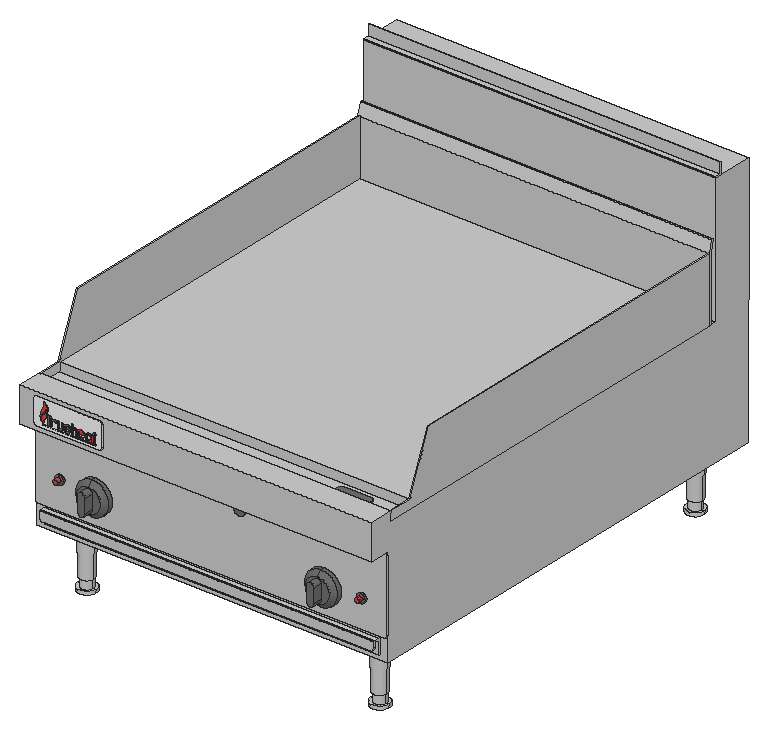
Revit family "QF_COMCATER ALL BRANDS_RCT6-6G", category Specialty Equipment, Revit 2014
Parameters (values of type "RCT6-6G_Natural Gas")
  URL Cutsheet = ""
  URL = ""
  Type Comments = "The Australian owned and designed* Trueheat RC Series of Gas Cooking Equipment has been developed for the restaurant and cafe market with a high quality finish, designed to fulfill the busy demands within a commercial kitchen.\r\n16mm thick steel griddle plate with 16.5MJ/hr burner per 300mm section.\r\n100% Flame failure controls included as standard. Piezo ignition on concealed burners."
  Status [instance] = ""
  Specification by User [instance] = ""
  Specification by Manufacturer [instance] = ""
  Seismic Rating = ""
  SMACNA No = ""
  Revision Code [instance] = ""
  Nominal Gas power = 7800 W
  NAFEM Spec ID Number = ""
  Model = "RCT6-6G"
  Mechanical Connection Type [instance] = " "
  Masterspec = ""
  Manufacturer = "TRUEHEAT"
  Length Actual = 600 mm
  Item Number [instance] = ""
  Installed By [instance] = ""
  Identify Quantity as Lot [instance] = no
  Height Actual = 455 mm
  Gas power kW = 7.8
  Gas Size Flexible = 0 mm
  Gas Size = 19.05 mm
  Gas RI Height [instance] = 0 mm
  Gas Flow = 0.0 L/s
  Gas Connection Height [instance] = 121 mm
  Furnished By [instance] = ""
  Foodservice Equipment Identifier [instance] = yes
  Description = "GRIDDLE MODULAR TOP"
  Depth Actual = 803 mm
  CSI MasterFormat = ""
  BTUH = 7800 W
  Assembly Code = "E1090320"
  Accessory = no
Types (2): name
  RCT6-6G_Natural Gas
  RCT6-6G_LPG
Reference planes
  plane 1 "Center (Front/Back)": y = 0
  plane 2: z = 0
  plane 3 "Center (Left/Right)": x = 0
Forms (mm)
  Extrusion 1, solid
    sketch origin (96, 0, 121) x (1, 0, 0) y (0, 1, 0)
      loop
        line (0, 0) -> (2, 0) -> (2, 2) -> (0, 2) -> (0, 0)
    from 0 to 2
Dimensions and locks
  aligned and locked: level to plane 2
Nested families
  nested 1: "QF_COMCATER ALL BRANDS_RCT6-6G_Natural Gas" at (0, 0, 100), type "RCT6-6G_Natural Gas"
    with Show Logo yes, Show Clearance yes
  nested 2: "QF_COMCATER_B05002-600" at (0, 0, 0), type "B05002-600"
    with Show Logo yes, Show Clearance yes
Connectors
  piping at (97, 2, 122), diameter 19.05, driven by "Gas Size", driven by "Gas Flow"
    settings: on Extrusion 1, index 1, connector inside diameter 609.6 mm, connector length 0 mm, flow factor 0, pipe flow 0.0 L/s, pressure drop 0.0 Pa, fitting loss kfactor 0, connector angle 0.00°, fixture units 0, engagement length 0 mm, angle of deflection 0.00°, flow configuration 1, flow direction 1, fitting loss method 0, system type 22, joint type 0, gender type 0, connector reference index -1, connector utility 0, adjustable connector no, is connector primary yes, connector description "Gas connection for 'RCT6-6G'"
Definition of nested family "QF_COMCATER ALL BRANDS_RCT6-6G_Natural Gas"
  Parameters (values of type "RCT6-6G_Natural Gas")
    URL = "www.comcater.com.au"
    Show Logo [instance] = yes
    Show Clearance [instance] = yes
    Model = "RCT6-6G"
    Manufacturer = "TRUEHEAT"
    Description = "GRIDDLE MODULAR TOP"
    Assembly Code = "E1090320"
  Reference planes
    plane 1 "Back": y = 0
    plane 2: z = 0
    plane 3 "Left": x = 0
    plane 4 "Right": x = 600
    plane 5 "Front": y = -803
    plane 6 "Top": z = 455
  Forms (mm)
    Extrusion 1, solid
      sketch origin (0, 0, 2.5) x (0, 1, 0) y (0, 0, 1)
        loop
          line (0, 432.5) -> (-70, 432.5) -> (-70, 212.5) -> (-762.176, 212.5) -> (-762.176, 227.5) -> (-803, 227.5) -> (-803, 167.5) -> (-768, 167.5) -> (-768, -2.5) -> (0, -2.5) -> (0, 432.5)
      from 0 to 600
    Extrusion 2, solid
      sketch origin (0, 0, 2.5) x (0, 1, 0) y (0, 0, 1)
        loop
          line (-77.071, 341.25) -> (-82.176, 322.195) -> (-82.176, 212.5) -> (-80.176, 212.5) -> (-80.176, 321.931) -> (-75, 341.25) -> (-77.071, 341.25)
      from 0 to 600
    Extrusion 3, solid
      sketch origin (0, 0, 2.5) x (0, 1, 0) y (0, 0, 1)
        loop
          line (-82.176, 322.195) -> (-682.176, 322.195) -> (-722.176, 227.5) -> (-762.176, 227.5) -> (-762.176, 212.5) -> (-82.176, 212.5) -> (-82.176, 322.195)
      from 0 to 2
    Extrusion 4, solid
      sketch origin (598, 0, 2.5) x (0, 1, 0) y (0, 0, 1)
        loop
          line (-82.176, 322.195) -> (-682.176, 322.195) -> (-722.176, 227.5) -> (-762.176, 227.5) -> (-762.176, 212.5) -> (-82.176, 212.5) -> (-82.176, 322.195)
      from 0 to 2
    Extrusion 5, solid
      sketch origin (-4.5, -360, -12.5) x (1, 0, 0) y (0, 0, 1)
        loop
          line (6.5, 227.5) -> (602.5, 227.5) -> (602.5, 242.5) -> (6.5, 242.5) -> (6.5, 227.5)
      from -277.824 to 362.176
    Revolve 6, solid
      sketch origin (108.337, 8, -489.263) x (0, 1, 0) y (0, 0, 1)
        loop
          line (-786.003, 575.513) -> (-801, 575.513) -> (-801, 555.163) -> (-793.012, 547.176) -> (-786.003, 547.176) -> (-786.003, 575.513)
        axis (-786.003, 575.513) -> (-801, 575.513)
      angle from 0 to 360
    Extrusion 7, solid
      sketch origin (-264.343, -780, -1413.928) x (-0.707107, 0, -0.707107) y (-0.707107, 0, 0.707107)
        loop
          arc (-1328.297, 810.227) -> (-1337.277, 810.227) -> (-1337.277, 801.247) r 6.35
          line (-1337.277, 801.247) -> (-1320.325, 784.294)
          arc (-1320.325, 784.294) -> (-1311.344, 784.294) -> (-1311.344, 793.275) r 6.35
          line (-1311.344, 793.275) -> (-1328.297, 810.227)
      from -13 to -28
    Extrusion 8, solid
      sketch origin (115.838, 32, 58.75) x (1, 0, 0) y (0, 0, 1)
        loop
          circle (234.162, 91.25) r 10.607
      from 803 to 805
    Extrusion 9, solid
      sketch origin (0, -768, 2.5) x (1, 0, 0) y (0, 0, 1)
        loop
          line (0, 162.5) -> (0, 40)
          arc (0, 40) -> (1.464, 36.464) -> (5, 35) r 5
          line (5, 35) -> (595, 35)
          arc (595, 35) -> (598.536, 36.464) -> (600, 40) r 5
          line (600, 40) -> (600, 162.5)
          arc (600, 162.5) -> (598.536, 166.036) -> (595, 167.5) r 5
          line (595, 167.5) -> (5, 167.5)
          arc (5, 167.5) -> (1.464, 166.036) -> (0, 162.5) r 5
      from 0 to 3
    Extrusion 10, solid
      sketch origin (92.5, -778, 2.5) x (1, 0, 0) y (0, 0, 1)
        loop
          arc (-77.5, 20) -> (-76.036, 16.464) -> (-72.5, 15) r 5
          line (-72.5, 15) -> (487.5, 15)
          arc (487.5, 15) -> (491.036, 16.464) -> (492.5, 20) r 5
          line (492.5, 20) -> (492.5, 30) -> (-77.5, 30) -> (-77.5, 20)
      from 0 to 2
    Extrusion 11, solid
      sketch origin (92.5, -2, 2.5) x (0, 1, 0) y (0, 0, 1)
        loop
          line (-776, 30) -> (-776, 27.971) -> (-768.029, 27.971) -> (-768.029, 4.971) -> (-766, 4.971) -> (-766, 30) -> (-776, 30)
      from -77.5 to 492.5
    Extrusion 12, solid, visible <- "Show Logo"
      sketch origin (30, -802.5, 9.763) x (1, 0, 0) y (0, 0, 1)
        loop
          line (98.5, 191.841) -> (96.5, 191.841) -> (96.5, 189.798) -> (95.026, 189.798) -> (95.026, 187.798) -> (96.5, 187.798) -> (96.5, 175.237) -> (98.5, 175.237) -> (98.5, 187.798) -> (100, 187.798) -> (100, 189.798) -> (98.5, 189.798) -> (98.5, 191.841)
        loop
          line (94, 187.798) -> (92, 187.798) -> (92, 186.56)
          arc (92, 186.56) -> (81.976, 181.518) -> (92, 176.475) r 6.28
          line (92, 176.475) -> (92, 175.237) -> (94, 175.237) -> (94, 187.798)
        loop
          arc (92, 183.592) -> (83.976, 181.518) -> (92, 179.443) r 4.28
          line (92, 179.443) -> (92, 183.592)
        loop
          line (65.446, 184.298) -> (65.446, 175.237) -> (67.446, 175.237) -> (67.446, 184.729)
          arc (67.446, 184.729) -> (64.497, 187.542) -> (60.446, 187.101) r 4.833
          line (60.446, 187.101) -> (60.446, 191.841) -> (58.446, 191.841) -> (58.446, 175.237) -> (60.446, 175.237) -> (60.446, 184.298)
          arc (60.446, 184.298) -> (62.946, 185.798) -> (65.446, 184.298) r 2.833
        loop
          arc (80.998, 181.518) -> (69.107, 184.34) -> (78.461, 176.475) r 6.28
          line (78.461, 176.475) -> (77.269, 178.081)
          arc (77.269, 178.081) -> (72.794, 177.694) -> (70.437, 181.518) r 4.28
          line (70.437, 181.518) -> (80.998, 181.518)
        loop
          arc (78.502, 183.518) -> (74.717, 185.798) -> (70.933, 183.518) r 4.28
          line (70.933, 183.518) -> (78.502, 183.518)
      from 0 to 2
    Extrusion 13, solid, visible <- "Show Logo"
      sketch origin (14.146, -802.5, 9.763) x (1, 0, 0) y (0, 0, 1)
        loop
          arc (70.804, 183.518) -> (67.02, 185.798) -> (63.236, 183.518) r 4.28
          line (63.236, 183.518) -> (70.804, 183.518)
        loop
          arc (73.3, 181.518) -> (61.409, 184.34) -> (70.764, 176.475) r 6.28
          line (70.764, 176.475) -> (69.572, 178.081)
          arc (69.572, 178.081) -> (65.096, 177.694) -> (62.74, 181.518) r 4.28
          line (62.74, 181.518) -> (73.3, 181.518)
        loop
          line (34.617, 191.841) -> (34.617, 189.798) -> (33.143, 189.798) -> (33.143, 187.798) -> (34.617, 187.798) -> (34.617, 175.237) -> (36.617, 175.237) -> (36.617, 187.798) -> (38.117, 187.798) -> (38.117, 189.798) -> (36.617, 189.798) -> (36.617, 191.841) -> (34.617, 191.841)
        loop
          arc (57.696, 178.737) -> (55.196, 177.237) -> (52.696, 178.737) r 2.833
          line (52.696, 178.737) -> (52.696, 187.798) -> (50.696, 187.798) -> (50.696, 178.307)
          arc (50.696, 178.307) -> (55.196, 175.237) -> (59.696, 178.307) r 4.833
          line (59.696, 178.307) -> (59.696, 187.798) -> (57.696, 187.798) -> (57.696, 178.737)
        loop
          line (41.117, 186.56) -> (41.117, 187.798) -> (39.117, 187.798) -> (39.117, 175.237) -> (41.117, 175.237) -> (41.117, 183.592)
          arc (41.117, 183.592) -> (44.587, 185.789) -> (48.31, 184.053) r 4.28
          line (48.31, 184.053) -> (49.735, 185.478)
          arc (49.735, 185.478) -> (45.643, 187.749) -> (41.117, 186.56) r 6.28
      from 0 to 2
    Extrusion 14, solid, visible <- "Show Logo"
      sketch origin (0, -802.5, 7.5) x (1, 0, 0) y (0, 0, 1)
        loop
          line (130, 176.5) -> (40, 176.5) -> (40, 175.5) -> (130, 175.5) -> (130, 176.5)
        loop
          arc (40, 177.5) -> (40.603, 181.061) -> (42.43, 184.177) r 10.013
          arc (42.43, 184.177) -> (44.457, 187.03) -> (45.914, 190.212) r 18.627
          arc (45.914, 190.212) -> (46.43, 193.956) -> (45.458, 197.608) r 9.58
          arc (45.458, 197.608) -> (44.352, 194.23) -> (41.979, 191.583) r 8.629
          arc (41.979, 191.583) -> (38.017, 184.959) -> (40, 177.5) r 9.924
        loop
          arc (39.054, 199.801) -> (35.351, 191.043) -> (36.701, 181.631) r 17.746
          arc (36.701, 181.631) -> (36.715, 187.191) -> (39.483, 192.014) r 10.848
          arc (39.483, 192.014) -> (42.461, 196.051) -> (44.165, 200.77) r 17.413
          arc (44.165, 200.77) -> (46.042, 199.588) -> (47.328, 197.781) r 5.718
          arc (47.328, 197.781) -> (46.772, 205.563) -> (40.995, 210.808) r 10.489
          arc (40.995, 210.808) -> (41.42, 205.059) -> (39.054, 199.801) r 11.727
      from 0 to 2
    Extrusion 15, solid, visible <- "Show Logo"
      sketch origin (0, -802, 7.5) x (1, 0, 0) y (0, 0, 1)
        loop
          line (29.373, 170.5) -> (135, 170.5)
          arc (135, 170.5) -> (138.536, 171.964) -> (140, 175.5) r 5
          line (140, 175.5) -> (140, 210.808)
          arc (140, 210.808) -> (138.536, 214.344) -> (135, 215.808) r 5
          line (135, 215.808) -> (29.373, 215.808)
          arc (29.373, 215.808) -> (25.837, 214.344) -> (24.373, 210.808) r 5
          line (24.373, 210.808) -> (24.373, 175.5)
          arc (24.373, 175.5) -> (25.837, 171.964) -> (29.373, 170.5) r 5
      from 0 to 2
    Extrusion 16, solid
      sketch origin (122.5, 20, 215) x (1, 0, 0) y (0, 1, 0)
        loop
          arc (377.5, -752.176) -> (367.5, -762.176) -> (377.5, -772.176) r 10
          line (377.5, -772.176) -> (417.5, -772.176)
          arc (417.5, -772.176) -> (427.5, -762.176) -> (417.5, -752.176) r 10
          line (417.5, -752.176) -> (377.5, -752.176)
      from 0 to 2
    Revolve 17, solid
      sketch origin (499.175, 8, -489.263) x (0, 1, 0) y (0, 0, -1)
        loop
          line (-786.003, -575.513) -> (-786.003, -547.176) -> (-793.012, -547.176) -> (-801, -555.163) -> (-801, -575.513) -> (-786.003, -575.513)
        axis (-786.003, -575.513) -> (-801, -575.513)
      angle from 0 to 360
    Extrusion 18, solid
      sketch origin (871.856, -780, -1413.928) x (0.707107, 0, -0.707107) y (-0.707107, 0, -0.707107)
        loop
          line (-1328.297, -810.227) -> (-1311.344, -793.275)
          arc (-1311.344, -793.275) -> (-1311.344, -784.294) -> (-1320.325, -784.294) r 6.35
          line (-1320.325, -784.294) -> (-1337.277, -801.247)
          arc (-1337.277, -801.247) -> (-1337.277, -810.227) -> (-1328.297, -810.227) r 6.35
      from -13 to -28
    Extrusion 19, solid
      sketch origin (0, -5, -680) x (1, 0, 0) y (0, 0, 1)
        loop
          circle (108.338, 766.25) r 8
      from 766 to 773.003
    Extrusion 20, solid
      sketch origin (390.837, -5, -680) x (1, 0, 0) y (0, 0, 1)
        loop
          circle (108.338, 766.25) r 8
      from 766 to 773.003
    Extrusion 21, solid, visible <- "Show Clearance", detail levels coarse
      sketch origin (0, -2, -680) x (0, 1, 0) y (0, 0, 1)
        loop
          line (-768.029, 687.471) -> (-768.029, 712.5) -> (-1194, 712.5) -> (-1194, 687.471) -> (-768.029, 687.471)
      from 15 to 585
    Extrusion 22, solid
      sketch origin (0, -23, 0) x (0, 1, 0) y (0, 0, 1)
        loop
          line (-47, 435) -> (-35, 435) -> (-35, 455) -> (-37, 455) -> (-37, 437) -> (-47, 437) -> (-47, 435)
      from 0 to 600
    Extrusion 23, solid
      sketch origin (96, 10, -828) x (1, 0, 0) y (0, 0, 1)
        loop
          circle (0, 850) r 9.3
      from 0 to 10
    Extrusion 24, solid
      sketch origin (0, 0, 2.5) x (0, 1, 0) y (0, 0, 1)
        loop
          line (-82.176, 322.195) -> (-682.176, 322.195) -> (-722.176, 227.5) -> (-762.176, 227.5) -> (-762.176, 212.5) -> (-82.176, 212.5) -> (-82.176, 322.195)
      from 0 to 2
    Revolve 25, solid
      sketch origin (42.5, -8, -56.377) x (0, 1, 0) y (0, 0, 1)
        loop
          line (-763, 142.627) -> (-763, 150.127) -> (-765.011, 150.127) -> (-767, 146.627) -> (-767, 142.627) -> (-763, 142.627)
        axis (-767, 142.627) -> (-763, 142.627)
      angle from 0 to 360
    Extrusion 26, solid
      sketch origin (42.5, -8, -56.377) x (1, 0, 0) y (0, 0, 1)
        loop
          circle (0, 142.627) r 4
      from 772.997 to 767
    Revolve 27, solid
      sketch origin (557.5, -8, -56.377) x (0, 1, 0) y (0, 0, -1)
        loop
          line (-763, -142.627) -> (-767, -142.627) -> (-767, -146.627) -> (-765.011, -150.127) -> (-763, -150.127) -> (-763, -142.627)
        axis (-767, -142.627) -> (-763, -142.627)
      angle from 0 to 360
    Extrusion 28, solid
      sketch origin (557.5, -8, -56.377) x (-1, 0, 0) y (0, 0, -1)
        loop
          circle (0, -142.627) r 4
      from 772.997 to 767
    Extrusion 29, solid, visible <- "Show Clearance", detail levels coarse
      sketch origin (0, 0, 0) x (1, 0, 0) y (0, 1, 0)
        loop
          line (750, 150) -> (-150, 150) -> (-150, -803) -> (0, -803) -> (0, 0) -> (600, 0) -> (600, -803) -> (750, -803) -> (750, 150)
      from 0 to 455
  Lines and regions (mm)
    symbolic lines, style "200-EquipBorder-2D"
      curve 1: line (0, 0, 0) -> (600, 0, 0)
      curve 2: line (600, -803, 0) -> (0, -803, 0)
      curve 6: line (0, 0, 0) -> (0, -803, 0)
      curve 7: line (600, -803, 0) -> (600, 0, 0)
      curve 11: line (86.7, 10, 0) -> (105.3, 10, 0)
      curve 12: line (105.3, 10, 0) -> (105.3, 0, 0)
      curve 13: line (86.7, 10, 0) -> (86.7, 0, 0)
      curve 26: line (0, -70, 0) -> (600, -70, 0)
    symbolic lines, style "QF_Door-Drawer Clearances", visible <- "Show Clearance"
      curve 3: line (15, -1196, 0) -> (585, -1196, 0)
      curve 4: line (15, -1196, 0) -> (15, -803, 0)
      curve 5: line (585, -1196, 0) -> (585, -803, 0)
    symbolic lines, style "200-EquipInternal-2D"
      curve 8: line (2, -722.176, 0) -> (598, -722.176, 0)
      curve 9: line (600, -762.176, 0) -> (0, -762.176, 0)
      curve 10: line (2, -762.176, 0) -> (2, -82.176, 0)
      curve 14: line (598, -82.176, 0) -> (598, -762.176, 0)
      curve 18: line (500, -732.176, 0) -> (540, -732.176, 0)
      curve 19: line (540, -752.176, 0) -> (500, -752.176, 0)
      curve 20: arc (500, -732.176, 0) -> (490, -742.176, 0) -> (500, -752.176, 0) r 10
      curve 21: arc (540, -752.176, 0) -> (550, -742.176, 0) -> (540, -732.176, 0) r 10
      curve 22: line (600, -58, 0) -> (0, -58, 0)
      curve 23: line (0, -60, 0) -> (600, -60, 0)
      curve 24: line (2, -82.176, 0) -> (598, -82.176, 0)
      curve 25: line (600, -75, 0) -> (0, -75, 0)
    symbolic lines, style "QF_Clearances", visible <- "Show Clearance"
      curve 15: line (-150, 150, 0) -> (750, 150, 0)
      curve 16: line (750, 150, 0) -> (750, -803, 0)
      curve 17: line (-150, 150, 0) -> (-150, -803, 0)
  Dimensions and locks
    plane 1 "Back" to plane 5 "Front" = 803 mm
    plane 6 "Top" to level = 455 mm  (x2)
    plane 3 "Left" to plane 4 "Right" = 600 mm
    plane 5 "Front" to plane 1 "Back" = 803 mm
    plane 4 "Right" to plane 3 "Left" = 600 mm
    aligned and locked: level to plane 2
  Connectors
    piping at (96, 10, 22), diameter 19
      settings: on Extrusion 23, index 1, connector inside diameter 609.6 mm, connector length 0 mm, flow factor 0, pipe flow 0.0 L/s, pressure drop 0.0 Pa, fitting loss kfactor 0, connector angle 0.00°, fixture units 0, engagement length 0 mm, angle of deflection 0.00°, flow configuration 1, flow direction 1, fitting loss method 0, system type 22, joint type 0, gender type 0, connector reference index -1, connector utility 0, adjustable connector no, is connector primary yes, connector description "Gas Inlet"
Definition of nested family "QF_COMCATER_B05002-600"
  Parameters (values of type "B05002-600")
    URL = ""
    Type Comments = ""
    Show Logo [instance] = yes
    Show Clearance [instance] = yes
    Model = "B05002"
    Manufacturer = "TRUEHEAT"
    Length Actual = 600 mm
    Height Actual = 100 mm
    Description = "ADJUSTABLE LEG FOR RCT COUNTERTOP MOUNTING 600MM"
    Depth Actual = 803 mm
    Assembly Code = "E1090320"
    Accessory = yes
  Reference planes
    plane 1 "Back": y = 0
    plane 2: z = 0
    plane 3 "Left": x = 0
    plane 4 "Right": x = 600
    plane 5 "Front": y = -803
    plane 6 "Top": z = 100
  Forms (mm)
    Revolve 1, solid
      sketch origin (0, -50, 0) x (1, 0, 0) y (0, 0, 1)
        loop
          line (50, 0) -> (65.5, 0) -> (65.5, 5) -> (60, 5) -> (60, 20) -> (62, 20) -> (63.5, 95) -> (65.5, 95) -> (65.5, 100) -> (50, 100) -> (50, 0)
        axis (50, 0) -> (50, 100)
      angle from 0 to 360
    Revolve 2, solid
      sketch origin (0, -723, 0) x (1, 0, 0) y (0, 0, -1)
        loop
          line (50, 0) -> (50, -100) -> (65.5, -100) -> (65.5, -95) -> (63.5, -95) -> (62, -20) -> (60, -20) -> (60, -5) -> (65.5, -5) -> (65.5, 0) -> (50, 0)
        axis (50, 0) -> (50, -100)
      angle from 0 to 360
    Revolve 3, solid
      sketch origin (600, -50, 0) x (-1, 0, 0) y (0, 0, -1)
        loop
          line (50, 0) -> (50, -100) -> (65.5, -100) -> (65.5, -95) -> (63.5, -95) -> (62, -20) -> (60, -20) -> (60, -5) -> (65.5, -5) -> (65.5, 0) -> (50, 0)
        axis (50, 0) -> (50, -100)
      angle from 0 to 360
    Revolve 4, solid
      sketch origin (600, -723, 0) x (-1, 0, 0) y (0, 0, 1)
        loop
          line (50, 0) -> (65.5, 0) -> (65.5, 5) -> (60, 5) -> (60, 20) -> (62, 20) -> (63.5, 95) -> (65.5, 95) -> (65.5, 100) -> (50, 100) -> (50, 0)
        axis (50, 0) -> (50, 100)
      angle from 0 to 360
  Dimensions and locks
    plane 5 "Front" to plane 1 "Back" = 803 mm
    plane 6 "Top" to level = 100 mm
    plane 3 "Left" to plane 4 "Right" = 600 mm
    aligned and locked: level to plane 2
